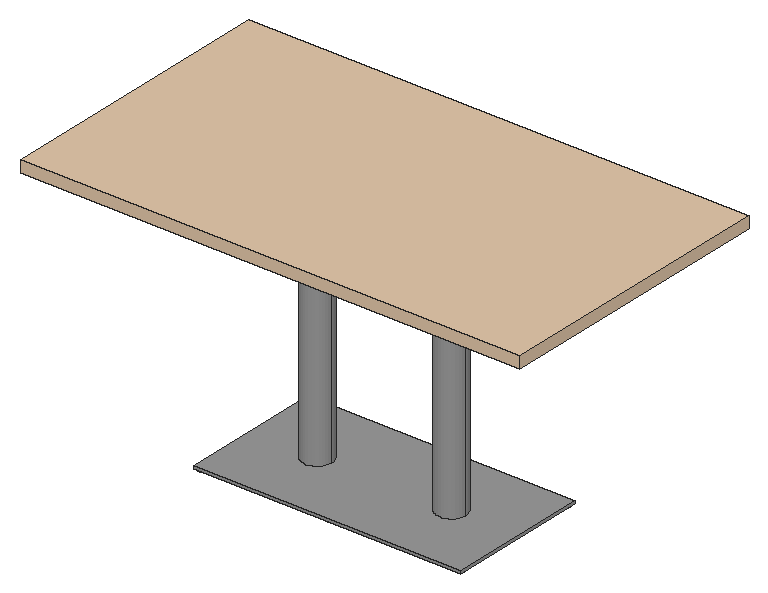
Revit family "FU_Table_Sandler_590T-XT", category Furniture, Revit 2020
Family settings
  OmniClass Number = 23.40.20.00
  OmniClass Title = General Furniture and Specialties
  Work Plane-Based = No
  Always vertical = Yes
  Cut with Voids When Loaded = No
  Shared = No
  Room Calculation Point = No
Parameters (values of type "590T-MT - 32x56" Top (80x140cm)")
  Width = 750 mm
  URL = "https://www.sandlerseating.com/product/591t-mt/"
  Top Size = FU_TableTops_MT Sqr : 32x55" Top (80x140cm)
  Top Finish [instance] = Wood - Beech - Chestnut Stained
  Model = "590T-MT"
  Manufacturer = "Sandler"
  Height = 720 mm
  Frame Finish [instance] = Metal - Steel - Matt-Satin
  Elevation = Height  # 720 mm
  Description = "Double column table base in stainless steel."
  Depth = 400 mm
  Default Elevation = 0 mm
Types (5, lengths in mm): name | Top Size | Top Finish | Frame Finish
  590T-MT - 28x48" Top (70x120cm) | FU_TableTops_MT Sqr : 28x48" Top (70x120cm) | Wood - Beech - Honey Stained | Metal - Steel - Polished
  590T-MT - 28x51" Top (70x130cm) | FU_TableTops_MT Sqr : 28x52" Top (70x130cm) | Wood - Beech - Honey Stained | Metal - Steel - Matt-Satin
  590T-MT - 32x48" Top (80x120cm) | FU_TableTops_MT Sqr : 32x48" Top (80x120cm) | Wood - Beech - Honey Stained | Metal - Steel - Polished
  590T-MT - 32x51" Top (80x130cm) | FU_TableTops_MT Sqr : 32x52" Top (80x130cm) | Wood - Beech - Honey Stained | Metal - Steel - Polished
  590T-MT - 32x56" Top (80x140cm) | FU_TableTops_MT Sqr : 32x55" Top (80x140cm) | Wood - Beech - Chestnut Stained | Metal - Steel - Matt-Satin
Reference planes
  plane 1 "Center (Front/Back)": y = 0
  plane 2: z = 0
  plane 3 "Center (Left/Right)": x = 0
  plane 4 "Right": x = -375
  plane 5 "Left": x = 375
  plane 6 "Back": y = 200
  plane 7 "Front": y = -200
  plane 8 "Height": z = 720
  plane 9 "Glide height": z = 4
  plane 10 "LG H": y = 185.83
  plane 11: x = -360.83
  plane 12: x = -187.5
  plane 13: x = 187.5
Forms (mm)
  Extrusion 1, solid, material "Metal - Steel - Matt-Satin" <- "Frame Finish"
    sketch origin (0, 0, 4) x (-1, 0, 0) y (0, -1, 0)
      loop
        line (375, -200) -> (375, 200) -> (-375, 200) -> (-375, -200) -> (375, -200)
    from 0 to 6
  Revolve 2, solid, material "Rubber, Black"
    sketch origin (0, 185.83, 0) x (-1, 0, 0) y (0, 0, 1)
      loop
        line (372.33, 4) -> (360.83, 4) -> (360.83, 0) -> (370.33, 0)
        arc (370.33, 0) -> (371.744, 0.586) -> (372.33, 2) r 2
        line (372.33, 2) -> (372.33, 4)
      axis (360.83, 4) -> (360.83, 0)
    angle from 0 to 360
  Revolve 3, solid, material "Rubber, Black"
    sketch origin (0, 185.83, 0) x (1, 0, 0) y (0, 0, 1)
      loop
        line (372.33, 4) -> (362.33, 4) -> (362.33, 0) -> (370.33, 0)
        arc (370.33, 0) -> (371.744, 0.586) -> (372.33, 2) r 2
        line (372.33, 2) -> (372.33, 4)
      axis (362.33, 4) -> (362.33, 0)
    angle from 0 to 360
  Revolve 4, solid, material "Rubber, Black"
    sketch origin (0, -185.83, 0) x (-1, 0, 0) y (0, 0, -1)
      loop
        line (372.33, -4) -> (372.33, -2)
        arc (372.33, -2) -> (371.744, -0.586) -> (370.33, 0) r 2
        line (370.33, 0) -> (360.83, 0) -> (360.83, -4) -> (372.33, -4)
      axis (360.83, -4) -> (360.83, 0)
    angle from 0 to 360
  Revolve 5, solid, material "Rubber, Black"
    sketch origin (0, -185.83, 0) x (1, 0, 0) y (0, 0, 1)
      loop
        line (372.33, 4) -> (362.33, 4) -> (362.33, 0) -> (370.33, 0)
        arc (370.33, 0) -> (371.744, 0.586) -> (372.33, 2) r 2
        line (372.33, 2) -> (372.33, 4)
      axis (362.33, 4) -> (362.33, 0)
    angle from 0 to 360
  Revolve 6, solid, material "Rubber, Black"
    sketch origin (-360.83, 185.83, 0) x (1, 0, 0) y (0, 0, 1)
      loop
        line (370.83, 4) -> (360.83, 4) -> (360.83, 0) -> (368.83, 0)
        arc (368.83, 0) -> (370.244, 0.586) -> (370.83, 2) r 2
        line (370.83, 2) -> (370.83, 4)
      axis (360.83, 4) -> (360.83, 0)
    angle from 0 to 360
  Revolve 7, solid, material "Rubber, Black"
    sketch origin (-360.83, -185.83, 0) x (1, 0, 0) y (0, 0, 1)
      loop
        line (370.83, 4) -> (360.83, 4) -> (360.83, 0) -> (368.83, 0)
        arc (368.83, 0) -> (370.244, 0.586) -> (370.83, 2) r 2
        line (370.83, 2) -> (370.83, 4)
      axis (360.83, 4) -> (360.83, 0)
    angle from 0 to 360
  Extrusion 8, solid, material "Metal - Steel - Matt-Satin" <- "Frame Finish"
    sketch origin (0, 0, 4) x (-1, 0, 0) y (0, -1, 0)
      loop
        circle (187.5, 0) r 40
    from 6 to 716
  Extrusion 9, solid, material "Metal - Steel - Matt-Satin" <- "Frame Finish"
    sketch origin (0, 0, 4) x (1, 0, 0) y (0, 1, 0)
      loop
        circle (187.5, 0) r 40
    from 6 to 716
  Extrusion 10, solid, material "Metal - Steel - Matt-Satin" <- "Frame Finish"
    sketch origin (0, 0, 720) x (-1, 0, 0) y (0, -1, 0)
      loop
        line (235.5, 44.024) -> (307.236, 117.26)
        arc (307.236, 117.26) -> (304.417, 120.065) -> (301.532, 122.802) r 167.789
        line (301.532, 122.802) -> (227.879, 47.718) -> (147.12, 47.718) -> (73.468, 122.802)
        arc (73.468, 122.802) -> (70.583, 120.065) -> (67.764, 117.26) r 167.789
        line (67.764, 117.26) -> (139.5, 44.024) -> (139.5, -44.024) -> (67.486, -116.038)
        arc (67.486, -116.038) -> (70.298, -118.884) -> (73.177, -121.661) r 166.741
        line (73.177, -121.661) -> (146.556, -48.282) -> (228.444, -48.282) -> (301.823, -121.661)
        arc (301.823, -121.661) -> (304.702, -118.884) -> (307.514, -116.038) r 166.741
        line (307.514, -116.038) -> (235.5, -44.024) -> (235.5, 44.024)
    from -5.84 to -20
  Extrusion 11, solid, material "Metal - Steel - Matt-Satin" <- "Frame Finish"
    sketch origin (0, 0, 720) x (-1, 0, 0) y (0, -1, 0)
      loop
        arc (235.5, 9.198) -> (237.694, 20.46) -> (243.955, 30.074) r 30
        line (243.955, 30.074) -> (342.527, 133.309)
        arc (342.527, 133.309) -> (344.782, 138.939) -> (342.439, 144.533) r 8
        line (342.439, 144.533) -> (329.622, 157.35)
        arc (329.622, 157.35) -> (323.965, 159.693) -> (318.308, 157.35) r 8
        line (318.308, 157.35) -> (219.527, 57.069)
        arc (219.527, 57.069) -> (209.794, 50.566) -> (198.314, 48.282) r 30
        line (198.314, 48.282) -> (176.686, 48.282)
        arc (176.686, 48.282) -> (165.206, 50.566) -> (155.473, 57.069) r 30
        line (155.473, 57.069) -> (56.692, 157.35)
        arc (56.692, 157.35) -> (51.035, 159.693) -> (45.378, 157.35) r 8
        line (45.378, 157.35) -> (32.561, 144.533)
        arc (32.561, 144.533) -> (30.218, 138.939) -> (32.473, 133.309) r 8
        line (32.473, 133.309) -> (131.045, 30.074)
        arc (131.045, 30.074) -> (137.306, 20.46) -> (139.5, 9.198) r 30
        line (139.5, 9.198) -> (139.5, -9.198)
        arc (139.5, -9.198) -> (137.306, -20.46) -> (131.045, -30.074) r 30
        line (131.045, -30.074) -> (32.473, -131.809)
        arc (32.473, -131.809) -> (30.218, -137.439) -> (32.561, -143.033) r 8
        line (32.561, -143.033) -> (45.378, -155.85)
        arc (45.378, -155.85) -> (51.035, -158.193) -> (56.692, -155.85) r 8
        line (56.692, -155.85) -> (155.473, -57.069)
        arc (155.473, -57.069) -> (165.206, -50.566) -> (176.686, -48.282) r 30
        line (176.686, -48.282) -> (198.314, -48.282)
        arc (198.314, -48.282) -> (209.794, -50.566) -> (219.527, -57.069) r 30
        line (219.527, -57.069) -> (318.308, -155.85)
        arc (318.308, -155.85) -> (323.965, -158.193) -> (329.622, -155.85) r 8
        line (329.622, -155.85) -> (342.439, -143.033)
        arc (342.439, -143.033) -> (344.782, -137.439) -> (342.527, -131.809) r 8
        line (342.527, -131.809) -> (243.955, -30.074)
        arc (243.955, -30.074) -> (237.694, -20.46) -> (235.5, -9.198) r 30
        line (235.5, -9.198) -> (235.5, 9.198)
      loop
        line (53.101, -141.055) -> (62.998, -131.158)
        arc (62.998, -131.158) -> (62.998, -125.502) -> (57.342, -125.502) r 3.999
        line (57.342, -125.502) -> (47.445, -135.399)
        arc (47.445, -135.399) -> (47.5, -141.001) -> (53.101, -141.055) r 4
      loop
        arc (321.899, -141.055) -> (327.5, -141.001) -> (327.555, -135.399) r 4
        line (327.555, -135.399) -> (317.658, -125.502)
        arc (317.658, -125.502) -> (312.002, -125.502) -> (312.002, -131.158) r 3.999
        line (312.002, -131.158) -> (321.899, -141.055)
      loop
        arc (53.101, 142.555) -> (47.5, 142.501) -> (47.445, 136.899) r 4
        line (47.445, 136.899) -> (57.342, 127.002)
        arc (57.342, 127.002) -> (62.998, 127.002) -> (62.998, 132.658) r 3.999
        line (62.998, 132.658) -> (53.101, 142.555)
      loop
        line (321.899, 142.555) -> (312.002, 132.658)
        arc (312.002, 132.658) -> (312.002, 127.002) -> (317.658, 127.002) r 3.999
        line (317.658, 127.002) -> (327.555, 136.899)
        arc (327.555, 136.899) -> (327.5, 142.501) -> (321.899, 142.555) r 4
      loop
        circle (187.5, 0) r 7.5
    from -9.84 to 0
  Extrusion 12, solid, material "Metal - Steel - Matt-Satin" <- "Frame Finish"
    sketch origin (0, 0, 720) x (1, 0, 0) y (0, 1, 0)
      loop
        line (235.5, -44.024) -> (235.5, 44.024) -> (309.014, 116.038)
        arc (309.014, 116.038) -> (306.203, 118.919) -> (303.323, 121.732) r 167.824
        line (303.323, 121.732) -> (228.444, 48.282) -> (146.556, 48.282) -> (73.177, 121.661)
        arc (73.177, 121.661) -> (70.298, 118.884) -> (67.486, 116.038) r 166.741
        line (67.486, 116.038) -> (139.5, 44.024) -> (139.5, -44.024) -> (67.764, -117.26)
        arc (67.764, -117.26) -> (70.583, -120.065) -> (73.468, -122.802) r 167.789
        line (73.468, -122.802) -> (147.12, -47.718) -> (227.879, -47.718) -> (303.032, -122.871)
        arc (303.032, -122.871) -> (305.917, -120.1) -> (308.736, -117.26) r 168.862
        line (308.736, -117.26) -> (235.5, -44.024)
    from -5.84 to -20
  Extrusion 13, solid, material "Metal - Steel - Matt-Satin" <- "Frame Finish"
    sketch origin (0, 0, 720) x (1, 0, 0) y (0, 1, 0)
      loop
        line (235.5, -9.198) -> (235.5, 9.198)
        arc (235.5, 9.198) -> (237.694, 20.46) -> (243.955, 30.074) r 30
        line (243.955, 30.074) -> (344.027, 131.809)
        arc (344.027, 131.809) -> (346.282, 137.439) -> (343.939, 143.033) r 8
        line (343.939, 143.033) -> (331.122, 155.85)
        arc (331.122, 155.85) -> (325.465, 158.193) -> (319.808, 155.85) r 8
        line (319.808, 155.85) -> (219.527, 57.069)
        arc (219.527, 57.069) -> (209.794, 50.566) -> (198.314, 48.282) r 30
        line (198.314, 48.282) -> (176.686, 48.282)
        arc (176.686, 48.282) -> (165.206, 50.566) -> (155.473, 57.069) r 30
        line (155.473, 57.069) -> (56.692, 155.85)
        arc (56.692, 155.85) -> (51.035, 158.193) -> (45.378, 155.85) r 8
        line (45.378, 155.85) -> (32.561, 143.033)
        arc (32.561, 143.033) -> (30.218, 137.439) -> (32.473, 131.809) r 8
        line (32.473, 131.809) -> (131.045, 30.074)
        arc (131.045, 30.074) -> (137.306, 20.46) -> (139.5, 9.198) r 30
        line (139.5, 9.198) -> (139.5, -9.198)
        arc (139.5, -9.198) -> (137.306, -20.46) -> (131.045, -30.074) r 30
        line (131.045, -30.074) -> (32.473, -133.309)
        arc (32.473, -133.309) -> (30.218, -138.939) -> (32.561, -144.533) r 8
        line (32.561, -144.533) -> (45.378, -157.35)
        arc (45.378, -157.35) -> (51.035, -159.693) -> (56.692, -157.35) r 8
        line (56.692, -157.35) -> (155.473, -57.069)
        arc (155.473, -57.069) -> (165.206, -50.566) -> (176.686, -48.282) r 30
        line (176.686, -48.282) -> (198.314, -48.282)
        arc (198.314, -48.282) -> (209.794, -50.566) -> (219.527, -57.069) r 30
        line (219.527, -57.069) -> (319.808, -157.35)
        arc (319.808, -157.35) -> (325.465, -159.693) -> (331.122, -157.35) r 8
        line (331.122, -157.35) -> (343.939, -144.533)
        arc (343.939, -144.533) -> (346.282, -138.939) -> (344.027, -133.309) r 8
        line (344.027, -133.309) -> (243.955, -30.074)
        arc (243.955, -30.074) -> (237.694, -20.46) -> (235.5, -9.198) r 30
      loop
        arc (53.101, 141.055) -> (47.5, 141.001) -> (47.445, 135.399) r 4
        line (47.445, 135.399) -> (57.342, 125.502)
        arc (57.342, 125.502) -> (62.998, 125.502) -> (62.998, 131.158) r 3.999
        line (62.998, 131.158) -> (53.101, 141.055)
      loop
        line (323.399, 141.055) -> (313.502, 131.158)
        arc (313.502, 131.158) -> (313.502, 125.502) -> (319.158, 125.502) r 3.999
        line (319.158, 125.502) -> (329.055, 135.399)
        arc (329.055, 135.399) -> (329, 141.001) -> (323.399, 141.055) r 4
      loop
        line (53.101, -142.555) -> (62.998, -132.658)
        arc (62.998, -132.658) -> (62.998, -127.002) -> (57.342, -127.002) r 3.999
        line (57.342, -127.002) -> (47.445, -136.899)
        arc (47.445, -136.899) -> (47.5, -142.501) -> (53.101, -142.555) r 4
      loop
        arc (323.399, -142.555) -> (329, -142.501) -> (329.055, -136.899) r 4
        line (329.055, -136.899) -> (319.158, -127.002)
        arc (319.158, -127.002) -> (313.502, -127.002) -> (313.502, -132.658) r 3.999
        line (313.502, -132.658) -> (323.399, -142.555)
      loop
        circle (187.5, 0) r 7.5
    from -9.84 to 0
Cuts and joins
  joined: Extrusion 1, Extrusion 8, Extrusion 9, Extrusion 10, Extrusion 11, Extrusion 12, Extrusion 13
Dimensions and locks
  equal spacing: plane 4 "Right", plane 3 "Center (Left/Right)", plane 5 "Left"
  "Width": plane 4 "Right" to plane 5 "Left"
  equal spacing: plane 6 "Back", plane 1 "Center (Front/Back)", plane 7 "Front"
  "Depth": plane 6 "Back" to plane 7 "Front"
  "Height": plane 8 "Height" to level
  plane 9 "Glide height" to level = 4 mm
  aligned and locked: level to plane 2
  aligned and locked: plane 8 "Height" to cut or joined group of Extrusion 1, Extrusion 8, Extrusion 9, Extrusion 10, Extrusion 11, Extrusion 12, Extrusion 13  (x2)
Automatic sketch dimensions
  Extrusion 1 sketch curve to plane 5 "Left" = 0 mm
  Extrusion 1 sketch curve to plane 4 "Right" = 0 mm
  Extrusion 1 sketch curve to plane 6 "Back" = 0 mm
  Extrusion 1 sketch curve to plane 7 "Front" = 0 mm
  Revolve 2 sketch curve to plane 9 "Glide height" = 0 mm  (x2)
  plane 11 to Revolve 2 sketch curve = 0 mm  (x2)
  Revolve 2 sketch curve to level = 0 mm
  level to Revolve 2 sketch curve = 2 mm
  Revolve 2 sketch curve to plane 4 "Right" = 4.67 mm
  Revolve 2 sketch curve to level = 1.303 mm
  Revolve 3 sketch curve to plane 9 "Glide height" = 0 mm  (x2)
  Revolve 3 sketch curve to level = 0 mm
  Revolve 3 sketch curve to plane 5 "Left" = 12.67 mm
  Revolve 3 sketch curve to level = 2 mm
  Revolve 3 sketch curve to plane 5 "Left" = 4.67 mm
  Revolve 3 sketch curve to Revolve 3 sketch curve = 0 mm
  Revolve 3 sketch curve to Revolve 3 sketch curve = 1.303 mm
  Revolve 4 sketch curve to plane 9 "Glide height" = 0 mm  (x2)
  plane 11 to Revolve 4 sketch curve = 0 mm  (x2)
  Revolve 4 sketch curve to level = 0 mm
  level to Revolve 4 sketch curve = 2 mm
  Revolve 4 sketch curve to plane 4 "Right" = 4.67 mm
  Revolve 4 sketch curve to level = 1.303 mm
  Revolve 5 sketch curve to plane 9 "Glide height" = 0 mm  (x2)
  Revolve 5 sketch curve to level = 0 mm
  plane 5 "Left" to Revolve 5 sketch curve = 12.67 mm
  level to Revolve 5 sketch curve = 2 mm
  plane 5 "Left" to Revolve 5 sketch curve = 4.67 mm
  Revolve 5 sketch curve to Revolve 5 sketch curve = 0 mm
  Revolve 5 sketch curve to Revolve 5 sketch curve = 1.303 mm
  Revolve 6 sketch curve to plane 9 "Glide height" = 0 mm  (x2)
  Revolve 6 sketch curve to level = 0 mm
  plane 3 "Center (Left/Right)" to Revolve 6 sketch curve = 0 mm
  Revolve 6 sketch curve to level = 2 mm
  Revolve 6 sketch curve to plane 3 "Center (Left/Right)" = 8 mm
  Revolve 6 sketch curve to Revolve 6 sketch curve = 0 mm
  Revolve 6 sketch curve to Revolve 6 sketch curve = 1.303 mm
  Revolve 7 sketch curve to plane 9 "Glide height" = 0 mm  (x2)
  Revolve 7 sketch curve to level = 0 mm
  Revolve 7 sketch curve to plane 3 "Center (Left/Right)" = 0 mm
  level to Revolve 7 sketch curve = 2 mm
  plane 3 "Center (Left/Right)" to Revolve 7 sketch curve = 8 mm
  Revolve 7 sketch curve to Revolve 7 sketch curve = 0 mm
  Revolve 7 sketch curve to Revolve 7 sketch curve = 1.303 mm
  Extrusion 10 sketch curve to Extrusion 10 sketch curve = 0 mm  (x12)
  Extrusion 10 sketch curve to plane 12 = 0 mm
  Extrusion 10 sketch curve to plane 12 = 40.38 mm
  Extrusion 10 sketch curve to plane 12 = 40.944 mm
  Extrusion 10 sketch curve to Extrusion 10 sketch curve = 7.056 mm  (x2)
  Extrusion 10 sketch curve to plane 3 "Center (Left/Right)" = 73.468 mm
  Extrusion 10 sketch curve to plane 3 "Center (Left/Right)" = 73.177 mm
  Extrusion 10 sketch curve to Extrusion 10 sketch curve = 5.704 mm  (x2)
  Extrusion 10 sketch curve to Extrusion 10 sketch curve = 5.691 mm  (x2)
  plane 12 to Extrusion 10 sketch curve = 40.38 mm
  plane 12 to Extrusion 10 sketch curve = 40.944 mm
  Extrusion 10 sketch curve to plane 11 = 59.298 mm
  Extrusion 10 sketch curve to plane 11 = 59.007 mm
  Extrusion 10 sketch curve to plane 10 "LG H" = 64.169 mm  (x2)
  Extrusion 10 sketch curve to Extrusion 10 sketch curve = 5.623 mm
  Extrusion 10 sketch curve to plane 1 "Center (Front/Back)" = 48.282 mm
  Extrusion 10 sketch curve to Extrusion 10 sketch curve = 4.258 mm  (x2)
  plane 1 "Center (Front/Back)" to Extrusion 10 sketch curve = 44.024 mm  (x2)
  Extrusion 10 sketch curve to Extrusion 10 sketch curve = 3.693 mm
  plane 7 "Front" to Extrusion 10 sketch curve = 82.74 mm  (x2)
  plane 1 "Center (Front/Back)" to Extrusion 11 sketch curve = 0 mm
  Extrusion 11 sketch curve to plane 12 = 0 mm
  Extrusion 11 sketch curve to plane 12 = 10.814 mm  (x2)
  Extrusion 11 sketch curve to Extrusion 11 sketch curve = 21.213 mm  (x5)
  plane 1 "Center (Front/Back)" to Extrusion 11 sketch curve = 9.198 mm  (x2)
  Extrusion 11 sketch curve to plane 12 = 48 mm
  Extrusion 11 sketch curve to plane 1 "Center (Front/Back)" = 30.074 mm  (x2)
  Extrusion 11 sketch curve to Extrusion 11 sketch curve = 8.455 mm  (x4)
  plane 1 "Center (Front/Back)" to Extrusion 11 sketch curve = 30.074 mm  (x2)
  Extrusion 11 sketch curve to plane 1 "Center (Front/Back)" = 9.198 mm  (x2)
  Extrusion 11 sketch curve to plane 3 "Center (Left/Right)" = 62.998 mm  (x2)
  Extrusion 11 sketch curve to Extrusion 11 sketch curve = 2.828 mm  (x12)
  Extrusion 11 sketch curve to Extrusion 11 sketch curve = 6.306 mm  (x4)
  Extrusion 11 sketch curve to Extrusion 11 sketch curve = 9.897 mm  (x8)
  Extrusion 11 sketch curve to Extrusion 11 sketch curve = 5.657 mm  (x18)
  Extrusion 11 sketch curve to Extrusion 11 sketch curve = 2.773 mm  (x6)
  Extrusion 11 sketch curve to Extrusion 11 sketch curve = 2.883 mm  (x6)
  Extrusion 11 sketch curve to plane 10 "LG H" = 29.98 mm  (x2)
  Extrusion 11 sketch curve to Extrusion 11 sketch curve = 9.227 mm  (x4)
  Extrusion 11 sketch curve to Extrusion 11 sketch curve = 5.745 mm  (x4)
  plane 12 to Extrusion 11 sketch curve = 10.814 mm  (x2)
  plane 12 to Extrusion 11 sketch curve = 48 mm
  Extrusion 11 sketch curve to plane 11 = 48.828 mm  (x2)
  Extrusion 11 sketch curve to Extrusion 11 sketch curve = 12.817 mm  (x2)
  Extrusion 11 sketch curve to Extrusion 11 sketch curve = 9.138 mm  (x4)
  Extrusion 11 sketch curve to Extrusion 11 sketch curve = 48.208 mm
  Extrusion 11 sketch curve to Extrusion 11 sketch curve = 0 mm
  plane 1 "Center (Front/Back)" to Extrusion 11 sketch curve = 48.282 mm
  Extrusion 11 sketch curve to Extrusion 11 sketch curve = 8.787 mm  (x2)
  plane 7 "Front" to Extrusion 11 sketch curve = 72.998 mm  (x2)
  Extrusion 11 sketch curve to Extrusion 11 sketch curve = 6.307 mm  (x2)
  Extrusion 11 sketch curve to Extrusion 11 sketch curve = 5.567 mm  (x2)
  Extrusion 12 sketch curve to Extrusion 12 sketch curve = 0 mm  (x12)
  Extrusion 12 sketch curve to plane 3 "Center (Left/Right)" = 67.486 mm
  Extrusion 12 sketch curve to plane 3 "Center (Left/Right)" = 67.764 mm
  Extrusion 12 sketch curve to Extrusion 12 sketch curve = 5.691 mm  (x2)
  Extrusion 12 sketch curve to Extrusion 12 sketch curve = 5.704 mm  (x2)
  plane 1 "Center (Front/Back)" to Extrusion 12 sketch curve = 44.024 mm  (x2)
  Extrusion 12 sketch curve to Extrusion 12 sketch curve = 72.014 mm
  plane 1 "Center (Front/Back)" to Extrusion 12 sketch curve = 48.282 mm
  Extrusion 12 sketch curve to Extrusion 12 sketch curve = 7.056 mm  (x2)
  Extrusion 12 sketch curve to plane 1 "Center (Front/Back)" = 47.718 mm
  Extrusion 12 sketch curve to Extrusion 12 sketch curve = 7.62 mm
  plane 1 "Center (Front/Back)" to Extrusion 12 sketch curve = 0.282 mm
  Extrusion 12 sketch curve to Extrusion 12 sketch curve = 40.38 mm  (x2)
  Extrusion 12 sketch curve to Extrusion 12 sketch curve = 40.944 mm
  Extrusion 12 sketch curve to plane 5 "Left" = 71.968 mm
  Extrusion 12 sketch curve to plane 5 "Left" = 71.677 mm
  plane 10 "LG H" to Extrusion 12 sketch curve = 69.792 mm  (x2)
  Extrusion 12 sketch curve to Extrusion 12 sketch curve = 3.693 mm  (x2)
  Extrusion 12 sketch curve to plane 7 "Front" = 82.74 mm  (x2)
  plane 1 "Center (Front/Back)" to Extrusion 13 sketch curve = 0 mm
  Extrusion 13 sketch curve to plane 3 "Center (Left/Right)" = 32.473 mm  (x2)
  Extrusion 13 sketch curve to Extrusion 13 sketch curve = 0.089 mm  (x2)
  Extrusion 13 sketch curve to Extrusion 13 sketch curve = 5.745 mm  (x4)
  Extrusion 13 sketch curve to Extrusion 13 sketch curve = 12.817 mm  (x4)
  Extrusion 13 sketch curve to Extrusion 13 sketch curve = 9.227 mm  (x4)
  Extrusion 13 sketch curve to Extrusion 13 sketch curve = 2.883 mm  (x6)
  Extrusion 13 sketch curve to Extrusion 13 sketch curve = 5.657 mm  (x16)
  Extrusion 13 sketch curve to Extrusion 13 sketch curve = 2.773 mm  (x6)
  plane 10 "LG H" to Extrusion 13 sketch curve = 29.98 mm  (x2)
  Extrusion 13 sketch curve to Extrusion 13 sketch curve = 9.897 mm  (x8)
  Extrusion 13 sketch curve to Extrusion 13 sketch curve = 2.828 mm  (x12)
  plane 1 "Center (Front/Back)" to Extrusion 13 sketch curve = 9.198 mm  (x2)
  Extrusion 13 sketch curve to plane 3 "Center (Left/Right)" = 109.5 mm
  Extrusion 13 sketch curve to Extrusion 13 sketch curve = 0 mm
  Extrusion 13 sketch curve to plane 1 "Center (Front/Back)" = 30.074 mm  (x2)
  Extrusion 13 sketch curve to Extrusion 13 sketch curve = 21.545 mm  (x2)
  plane 1 "Center (Front/Back)" to Extrusion 13 sketch curve = 30.074 mm  (x2)
  Extrusion 13 sketch curve to plane 1 "Center (Front/Back)" = 57.069 mm  (x2)
  Extrusion 13 sketch curve to Extrusion 13 sketch curve = 24.427 mm  (x2)
  plane 1 "Center (Front/Back)" to Extrusion 13 sketch curve = 57.069 mm  (x2)
  Extrusion 13 sketch curve to Extrusion 13 sketch curve = 21.213 mm  (x5)
  Extrusion 13 sketch curve to Extrusion 13 sketch curve = 48 mm  (x2)
  Extrusion 13 sketch curve to Extrusion 13 sketch curve = 21.628 mm  (x2)
  Extrusion 13 sketch curve to plane 1 "Center (Front/Back)" = 9.198 mm
  Extrusion 13 sketch curve to Extrusion 13 sketch curve = 8.455 mm  (x2)
  Extrusion 13 sketch curve to plane 5 "Left" = 61.498 mm  (x2)
  Extrusion 13 sketch curve to Extrusion 13 sketch curve = 6.306 mm  (x2)
  Extrusion 13 sketch curve to Extrusion 13 sketch curve = 9.138 mm  (x4)
  Extrusion 13 sketch curve to Extrusion 13 sketch curve = 8.787 mm
  Extrusion 13 sketch curve to plane 7 "Front" = 72.998 mm  (x2)
  Extrusion 13 sketch curve to Extrusion 13 sketch curve = 6.307 mm  (x2)
  Extrusion 13 sketch curve to Extrusion 13 sketch curve = 5.567 mm  (x2)
  plane 1 "Center (Front/Back)" to Extrusion 8 sketch curve = 0 mm
  Extrusion 8 sketch curve to plane 12 = 0 mm
  plane 1 "Center (Front/Back)" to Extrusion 9 sketch curve = 0 mm
  Extrusion 9 sketch curve to plane 13 = 0 mm
  radius of Extrusion 11 sketch curve = 7.5 mm
  radius of Extrusion 13 sketch curve = 7.5 mm
  radius of Extrusion 8 sketch curve = 40 mm
  radius of Extrusion 9 sketch curve = 40 mm
Nested families
  nested 1: "FU_TableTops_MT Sqr" at (0, 0, 0), Top Elevation <- "Elevation", Top Finish <- "Top Finish", type <- "Top Size", type "32x55" Top (80x140cm)"
    with Top Finish Wood - Beech - Chestnut Stained, Top Elevation 720 mm
Definition of nested family "FU_TableTops_MT Sqr"
  Parameters (values of type "24x48" Top (60x120cm)")
    Width = 1200 mm
    Top Finish [instance] = none
    Top Elevation [instance] = 1100 mm
    Depth = 600 mm
    Default Elevation = 0 mm
  Types (16, lengths in mm): name | Width | Depth
    28x48" Top (70x120cm) | 1200 | 700
    28x52" Top (70x130cm) | 1300 | 700
    32x48" Top (80x120cm) | 1200 | 800
    32x52" Top (80x130cm) | 1300 | 800
    28x55" Top (70x140cm) | 1400 | 700
    32x55" Top (80x140cm) | 1400 | 800
    24" Square (60cm) | 600 | 600
    28" Square (70cm) | 700 | 700
    32" Square (80cm) | 800 | 800
    36" Square (90cm) | 900 | 900
    40" Square (100cm) | 1000 | 1000
    44" Square (110cm) | 1100 | 1100
    28x44" Top (70x110cm) | 1100 | 700
    24x40" Top (60x100cm) | 1000 | 600
    24x44" Top (60x110cm) | 1100 | 600
    24x48" Top (60x120cm) | 1200 | 600
  Reference planes
    plane 1 "Center (Front/Back)": y = 0
    plane 2: z = 0
    plane 3 "Center (Left/Right)": x = 0
    plane 4 "Right": x = -600
    plane 5 "Left": x = 600
    plane 6 "Back": y = 300
    plane 7 "Front": y = -300
    plane 8 "Elevation": z = 1100
    plane 9 "Top Height": z = 1131.75
  Forms (mm)
    Extrusion 1, solid, material <- "Top Finish"
      sketch origin (0, 0, 1100) x (-1, 0, 0) y (0, -1, 0)
        loop
          line (600, -300) -> (600, 300) -> (-600, 300) -> (-600, -300) -> (600, -300)
      from 0 to 31.75
  Dimensions and locks
    equal spacing: plane 4 "Right", plane 3 "Center (Left/Right)", plane 5 "Left"
    "Width": plane 4 "Right" to plane 5 "Left"
    equal spacing: plane 6 "Back", plane 1 "Center (Front/Back)", plane 7 "Front"
    "Depth": plane 6 "Back" to plane 7 "Front"
    "Top Elevation": plane 8 "Elevation" to level
    locked: plane 9 "Top Height" to plane 8 "Elevation" at 31.75
    aligned and locked: level to plane 2
    aligned and locked: Extrusion 1 sketch curve to plane 6 "Back"
    aligned and locked: Extrusion 1 sketch curve to plane 4 "Right"
    aligned and locked: plane 7 "Front" to Extrusion 1 sketch curve
    aligned and locked: plane 5 "Left" to Extrusion 1 sketch curve
    aligned and locked: Extrusion 1 to plane 8 "Elevation"
    aligned and locked: plane 8 "Elevation" to Extrusion 1  (x2)
    aligned and locked: plane 9 "Top Height" to Extrusion 1
    aligned and locked: Extrusion 1 to plane 9 "Top Height"
